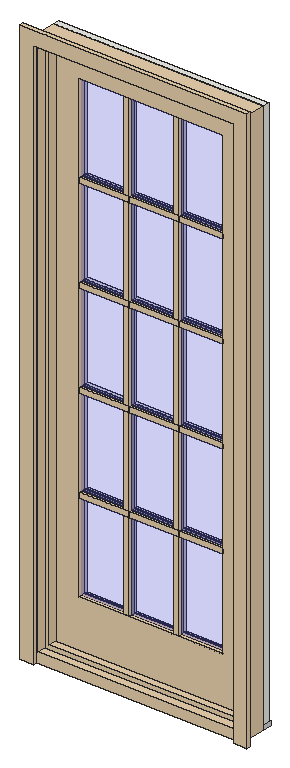
Revit family "Door-Gliding-Andersen-A_Series-Stationary 2", category Doors, host Wall, Revit 2013 (continued)
Dimensions and locks (in)
  aligned and locked: nested 4 to plane 48 "L Glazing"
  aligned and locked: nested 3 to plane 48 "L Glazing"
  aligned and locked: plane 4 "L Frame" to Extrusion 17 sketch curve
  aligned and locked: Extrusion 17 sketch curve to plane 3 "R Frame"
  aligned and locked: level to Extrusion 17 sketch curve
  aligned and locked: Extrusion 17 to plane 50 "Panel1 S1"
  aligned and locked: plane 53 "Frame S1" to Extrusion 17
  aligned and locked: plane 45 "B Panel" to Extrusion 17 sketch curve
  aligned and locked: nested 7 to plane 47 "T Glazing"
  aligned and locked: Extrusion 10 sketch curve to plane 46 "B Glazing"
  aligned and locked: Extrusion 11 sketch curve to plane 46 "B Glazing"
  aligned and locked: plane 43 "R Panel" to curve 162
  aligned and locked: plane 43 "R Panel" to curve 160
  aligned and locked: plane 42 "L Panel" to curve 163
  aligned and locked: plane 51 "Panel1 S2" to curve 166
  aligned and locked: plane 50 "Panel1 S1" to curve 166
  aligned and locked: plane 42 "L Panel" to curve 166
  aligned and locked: plane 42 "L Panel" to curve 160
  aligned and locked: plane 44 "T Panel" to curve 164
  aligned and locked: plane 44 "T Panel" to curve 165
  aligned and locked: plane 45 "B Panel" to curve 165
  aligned and locked: plane 12 "Casing S1" to Extrusion 4
  aligned and locked: level to Extrusion 15 sketch curve  (x2)
  aligned and locked: level to curve 181
  aligned and locked: level to curve 179
  aligned and locked: plane 4 "L Frame" to curve 179
  aligned and locked: curve 181 to plane 3 "R Frame"
Automatic sketch dimensions
  curve 5 to plane 36 "L Int Casing" = 0' - 0 1/8"
  curve 116 to curve 118 = 0' - 0"
  curve 115 to curve 117 = 0' - 0.7655"
  curve 116 to curve 109 = 0' - 3.0315"
  curve 108 to curve 108 = 0' - 0.10984"
  curve 167 to curve 111 = 0' - 0.02316"
  curve 110 to curve 111 = 0' - 0.361"
  curve 111 to curve 112 = 0' - 0.318"
  curve 107 to curve 106 = 0' - 1.15216"
  curve 23 to curve 118 = 0' - 0"
  curve 24 to curve 115 = 0' - 0"
  curve 23 to curve 25 = 0' - 0 1/8"
  curve 114 to curve 114 = 0' - 0.12558"
  curve 119 to curve 117 = 0' - 0.359"
  curve 170 to curve 106 = 0' - 0.606"
  curve 170 to curve 105 = 0' - 1.172"
  curve 105 to curve 105 = 0' - 1.55"
  curve 107 to curve 109 = 0' - 0.319"
  curve 108 to curve 114 = 0' - 0.4638"
  curve 114 to curve 115 = 0' - 0.04311"
  curve 115 to curve 120 = 0' - 0.76609"
  curve 118 to curve 120 = 0' - 0.06176"
  curve 108 to curve 111 = 0' - 2.70542"
  curve 110 to curve 112 = 0' - 0.53458"
  curve 106 to curve 106 = 0' - 0.733"
  curve 114 to curve 114 = 0' - 0.3698"
  curve 108 to curve 109 = 0' - 0.094"
  curve 167 to curve 109 = 0' - 0"
  curve 106 to curve 105 = 0' - 0.579"
  curve 170 to curve 105 = 0' - 0.166"
  curve 116 to curve 24 = 0' - 0 1/8"
  curve 23 to curve 118 = 0' - 0 1/8"
  curve 170 to curve 170 = 0' - 1.719"
  curve 118 to curve 117 = 0' - 0.54"
  curve 110 to curve 110 = 0' - 0.89242"
  curve 117 to curve 119 = 0' - 0"
  curve 112 to curve 113 = 0' - 1.583"
  curve 132 to curve 134 = 0' - 0"
  curve 131 to curve 133 = 0' - 0.7655"
  curve 132 to curve 125 = 0' - 3.0315"
  curve 124 to curve 124 = 0' - 0.10984"
  curve 168 to curve 127 = 0' - 0.02316"
  curve 126 to curve 127 = 0' - 0.361"
  curve 127 to curve 128 = 0' - 0.318"
  curve 123 to curve 122 = 0' - 1.15216"
  curve 20 to curve 134 = 0' - 0"
  curve 21 to curve 131 = 0' - 0"
  curve 20 to curve 22 = 0' - 0 1/8"
  curve 130 to curve 130 = 0' - 0.12558"
  curve 135 to curve 133 = 0' - 0.359"
  curve 171 to curve 122 = 0' - 0.606"
  curve 171 to curve 121 = 0' - 1.172"
  curve 121 to curve 121 = 0' - 1.55"
  curve 125 to curve 123 = 0' - 0.319"
  curve 130 to curve 124 = 0' - 0.4638"
  curve 131 to curve 130 = 0' - 0.04311"
  curve 136 to curve 131 = 0' - 0.76609"
  curve 136 to curve 134 = 0' - 0.06176"
  curve 127 to curve 124 = 0' - 2.70542"
  curve 128 to curve 126 = 0' - 0.53458"
  curve 122 to curve 122 = 0' - 0.733"
  curve 130 to curve 130 = 0' - 0.3698"
  curve 125 to curve 124 = 0' - 0.094"
  curve 168 to curve 125 = 0' - 0"
  curve 121 to curve 122 = 0' - 0.579"
  curve 121 to curve 171 = 0' - 0.166"
  curve 21 to curve 132 = 0' - 0 1/8"
  curve 134 to curve 20 = 0' - 0 1/8"
  curve 171 to curve 171 = 0' - 1.719"
  curve 133 to curve 134 = 0' - 0.54"
  curve 126 to curve 126 = 0' - 0.89242"
  curve 133 to curve 135 = 0' - 0"
  curve 129 to curve 128 = 0' - 1.583"
  curve 151 to curve 153 = 0' - 0"
  curve 150 to curve 152 = 0' - 0.7655"
  curve 151 to curve 144 = 0' - 3.0315"
  curve 143 to curve 143 = 0' - 0.10984"
  curve 169 to curve 146 = 0' - 0.02316"
  curve 145 to curve 146 = 0' - 0.361"
  curve 146 to curve 147 = 0' - 0.318"
  curve 142 to curve 141 = 0' - 1.15216"
  curve 137 to curve 153 = 0' - 0"
  curve 138 to curve 150 = 0' - 0"
  curve 137 to curve 139 = 0' - 0 1/8"
  curve 149 to curve 149 = 0' - 0.12558"
  curve 154 to curve 152 = 0' - 0.359"
  curve 172 to curve 141 = 0' - 0.606"
  curve 172 to curve 140 = 0' - 1.172"
  curve 140 to curve 140 = 0' - 1.55"
  curve 144 to curve 142 = 0' - 0.319"
  curve 149 to curve 143 = 0' - 0.4638"
  curve 150 to curve 149 = 0' - 0.04311"
  curve 155 to curve 150 = 0' - 0.76609"
  curve 155 to curve 153 = 0' - 0.06176"
  curve 146 to curve 143 = 0' - 2.70542"
  curve 147 to curve 145 = 0' - 0.53458"
  curve 141 to curve 141 = 0' - 0.733"
  curve 149 to curve 149 = 0' - 0.3698"
  curve 144 to curve 143 = 0' - 0.094"
  curve 169 to curve 144 = 0' - 0"
  curve 140 to curve 141 = 0' - 0.579"
  curve 140 to curve 172 = 0' - 0.166"
  curve 138 to curve 151 = 0' - 0 1/8"
  curve 153 to curve 137 = 0' - 0 1/8"
  curve 172 to curve 172 = 0' - 1.719"
  curve 152 to curve 153 = 0' - 0.54"
  curve 145 to curve 145 = 0' - 0.89242"
  curve 152 to curve 154 = 0' - 0"
  curve 148 to curve 147 = 0' - 1.583"
  curve 41 to curve 43 = 0' - 0.53458"
  curve 42 to curve 53 = 0' - 1.35242"
  curve 52 to curve 54 = 0' - 0.08"
  curve 52 to curve 50 = 0' - 0.76609"
  curve 49 to curve 48 = 0' - 0.08875"
  curve 42 to curve 47 = 0' - 2.61142"
  curve 47 to curve 47 = 0' - 0.094"
  curve 46 to curve 45 = 0' - 0.319"
  curve 40 to curve 40 = 0' - 1.583"
  curve 42 to curve 173 = 0' - 0.89242"
  curve 53 to curve 52 = 0' - 0.46"
  curve 173 to curve 43 = 0' - 0"
  curve 51 to curve 53 = 0' - 0"
  curve 52 to curve 37 = 0' - 0 1/8"
  curve 36 to curve 49 = 0' - 0 1/8"
  curve 39 to curve 44 = 0' - 0.579"
  curve 48 to curve 48 = 0' - 0.32416"
  curve 44 to curve 44 = 0' - 0.733"
  curve 54 to curve 49 = 0' - 0"
  curve 49 to curve 51 = 0' - 0 3/4"
  curve 50 to curve 46 = 0' - 3.047"
  curve 46 to curve 46 = 0' - 0.10984"
  curve 47 to curve 42 = 0' - 0.133"
  curve 42 to curve 41 = 0' - 0.361"
  curve 41 to curve 40 = 0' - 0.318"
  curve 45 to curve 45 = 0' - 1.15216"
  curve 37 to curve 52 = 0' - 0.015"
  curve 38 to curve 49 = 0' - 0.015"
  curve 48 to curve 48 = 0' - 0.11008"
  curve 38 to curve 36 = 0' - 0.14"
  curve 53 to curve 51 = 0' - 0.359"
  curve 43 to curve 173 = 0' - 0.523"
  curve 44 to curve 39 = 0' - 0.566"
  curve 39 to curve 39 = 0' - 1 5/8"
  curve 173 to curve 47 = 0' - 0"
  curve 57 to curve 59 = 0' - 0.53458"
  curve 58 to curve 69 = 0' - 1.35242"
  curve 68 to curve 70 = 0' - 0.08"
  curve 68 to curve 66 = 0' - 0.76609"
  curve 65 to curve 64 = 0' - 0.08875"
  curve 58 to curve 63 = 0' - 2.61142"
  curve 63 to curve 63 = 0' - 0.094"
  curve 62 to curve 61 = 0' - 0.319"
  curve 56 to curve 56 = 0' - 1.583"
  curve 58 to curve 174 = 0' - 0.89242"
  curve 69 to curve 68 = 0' - 0.46"
  curve 174 to curve 59 = 0' - 0"
  curve 67 to curve 69 = 0' - 0"
  curve 68 to curve 14 = 0' - 0 1/8"
  curve 13 to curve 65 = 0' - 0 1/8"
  curve 55 to curve 60 = 0' - 0.579"
  curve 64 to curve 64 = 0' - 0.32416"
  curve 60 to curve 60 = 0' - 0.733"
  curve 70 to curve 65 = 0' - 0"
  curve 65 to curve 67 = 0' - 0 3/4"
  curve 66 to curve 62 = 0' - 3.047"
  curve 62 to curve 62 = 0' - 0.10984"
  curve 63 to curve 58 = 0' - 0.133"
  curve 58 to curve 57 = 0' - 0.361"
  curve 57 to curve 56 = 0' - 0.318"
  curve 61 to curve 61 = 0' - 1.15216"
  curve 14 to curve 68 = 0' - 0.015"
  curve 15 to curve 65 = 0' - 0.015"
  curve 64 to curve 64 = 0' - 0.11008"
  curve 15 to curve 13 = 0' - 0.14"
  curve 69 to curve 67 = 0' - 0.359"
  curve 59 to curve 174 = 0' - 0.523"
  curve 60 to curve 55 = 0' - 0.566"
  curve 55 to curve 55 = 0' - 1 5/8"
  curve 174 to curve 63 = 0' - 0"
  Masking region 1 sketch curve to plane 53 "Frame S1" = 0' - 0"
  Masking region 2 sketch curve to plane 53 "Frame S1" = 0' - 0"
  Masking region 3 sketch curve to plane 53 "Frame S1" = 0' - 0"
  Masking region 4 sketch curve to plane 53 "Frame S1" = 0' - 0"
  curve 76 to curve 77 = 0' - 1.583"
  curve 78 to curve 80 = 0' - 0.53458"
  curve 79 to curve 80 = 0' - 0.89242"
  curve 80 to curve 87 = 0' - 0.46"
  curve 86 to curve 85 = 0' - 0.08"
  curve 85 to curve 84 = 0' - 0.76609"
  curve 82 to curve 82 = 0' - 0.08875"
  curve 80 to curve 71 = 0' - 1.813"
  curve 177 to curve 72 = 0' - 0.319"
  curve 72 to curve 75 = 0' - 1.063"
  curve 84 to curve 85 = 0' - 0.5405"
  curve 87 to curve 84 = 0' - 0"
  curve 175 to curve 80 = 0' - 0.0005"
  curve 80 to curve 177 = 0' - 1.7185"
  curve 85 to curve 11 = 0' - 0.1245"
  curve 12 to curve 83 = 0' - 0.1255"
  curve 175 to curve 71 = 0' - 0.0945"
  curve 81 to curve 81 = 0' - 0.32416"
  curve 74 to curve 73 = 0' - 0.748"
  curve 73 to curve 72 = 0' - 0.05571"
  curve 75 to curve 77 = 0' - 1 11/16"
  curve 77 to curve 78 = 0' - 0.3335"
  curve 78 to curve 80 = 0' - 0.361"
  curve 72 to curve 72 = 0' - 1.60145"
  curve 71 to curve 177 = 0' - 0.10984"
  curve 71 to curve 84 = 0' - 7.235"
  curve 85 to curve 86 = 0' - 0 3/4"
  curve 83 to curve 83 = 0' - 0 3/4"
  curve 175 to curve 71 = 0' - 0.6245"
  curve 84 to curve 87 = 0' - 0.35858"
  curve 10 to curve 82 = 0' - 0 1/8"
  curve 81 to curve 81 = 0' - 0.11008"
  curve 10 to curve 12 = 0' - 0 1/8"
  curve 85 to curve 11 = 0' - 0"
  Sweep 7 sketch curve to profile plane = 0' - 0"
  profile plane to Sweep 7 sketch curve = 0' - 0.166"
  profile plane to Sweep 7 sketch curve = 0' - 0.566"
  Sweep 7 sketch curve to Sweep 7 sketch curve = 0' - 1.129"
  Sweep 7 sketch curve to Sweep 7 sketch curve = 0' - 0.413"
  Sweep 7 sketch curve to Sweep 7 sketch curve = 0' - 0.7335"
  Sweep 8 sketch curve to profile plane = 0' - 0"
  Sweep 8 sketch curve to profile plane = 0' - 4 9/16"
  profile plane to Sweep 8 sketch curve = 0' - 1.016"
  profile plane to Sweep 8 sketch curve = 0' - 0.166"
  profile plane to Sweep 8 sketch curve = 0' - 1.172"
  Sweep 8 sketch curve to Sweep 8 sketch curve = 0' - 0.523"
  Sweep 8 sketch curve to Sweep 8 sketch curve = 0' - 1.5825"
  Sweep 8 sketch curve to Sweep 8 sketch curve = 0' - 1.427"
  curve 93 to curve 94 = 0' - 1.583"
  curve 95 to curve 97 = 0' - 0.53458"
  curve 96 to curve 97 = 0' - 0.89242"
  curve 97 to curve 104 = 0' - 0.46"
  curve 103 to curve 102 = 0' - 0.08"
  curve 102 to curve 101 = 0' - 0.76609"
  curve 99 to curve 99 = 0' - 0.08875"
  curve 97 to curve 88 = 0' - 1.813"
  curve 178 to curve 89 = 0' - 0.319"
  curve 89 to curve 92 = 0' - 1.063"
  curve 101 to curve 102 = 0' - 0.5405"
  curve 104 to curve 101 = 0' - 0"
  curve 176 to curve 97 = 0' - 0.0005"
  curve 97 to curve 178 = 0' - 1.7185"
  curve 102 to curve 8 = 0' - 0.1245"
  curve 9 to curve 100 = 0' - 0.1255"
  curve 176 to curve 88 = 0' - 0.0945"
  curve 98 to curve 98 = 0' - 0.32416"
  curve 91 to curve 90 = 0' - 0.748"
  curve 90 to curve 89 = 0' - 0.05571"
  curve 92 to curve 94 = 0' - 1 11/16"
  curve 94 to curve 95 = 0' - 0.3335"
  curve 95 to curve 97 = 0' - 0.361"
  curve 89 to curve 89 = 0' - 1.60145"
  curve 88 to curve 178 = 0' - 0.10984"
  curve 88 to curve 101 = 0' - 7.235"
  curve 102 to curve 103 = 0' - 0 3/4"
  curve 100 to curve 100 = 0' - 0 3/4"
  curve 176 to curve 88 = 0' - 0.6245"
  curve 101 to curve 104 = 0' - 0.35858"
  curve 7 to curve 99 = 0' - 0 1/8"
  curve 98 to curve 98 = 0' - 0.11008"
  curve 7 to curve 9 = 0' - 0 1/8"
  curve 102 to curve 8 = 0' - 0"
  curve 4 to plane 53 "Frame S1" = 0' - 0"
  curve 3 to plane 53 "Frame S1" = 0' - 0"
  curve 164 to plane 45 "B Panel" = 0' - 0"
  plane 27 "T Rough Opening" to curve 6 = 0' - 0.15975"
Nested families (in)
  nested 1: "Andersen Grille Bar" at (0, 0.31559, 50.4375) x (-1, 0, 0) z (0, 1, 0), Bar Width <- "Grille Bar Size", Bar Length <- "TS V Bar Length", visible <- "TS S V", type "Andersen Grille Bar"
    with Glass / 2 0' - 0 7/32", Glass 0' - 0 13/16", Center Line Length 6' - 7 7/8", Center Line 2, Bar Width 0' - 0 7/8", Bar Length 6' - 7 7/8"
  nested 2: "Andersen Grille Bar" at (4.27083, 0.31559, 50.4375) x (-1, 0, 0) z (0, 1, 0), Bar Width <- "Grille Bar Size", Bar Length <- "TS V Bar Length", visible <- "TS M V", type "Andersen Grille Bar"
    with Glass / 2 0' - 0 7/32", Glass 0' - 0 13/16", Center Line Length 6' - 7 7/8", Center Line 2, Bar Width 0' - 0 7/8", Bar Length 6' - 7 7/8"
  nested 3: "Andersen Grille Bar" at (0, 0.31559, 50.4375) x (0, 0, 1) z (0, 1, 0), Bar Width <- "Grille Bar Size", visible <- "TS S H Craftsman", Bar Length <- "H DLO", type "Andersen Grille Bar"
    with Glass / 2 0' - 0 1/8", Glass 0' - 0 5/8", Center Line Length 2' - 0 3/4", Center Line 2, Bar Width 0' - 0 7/8", Bar Length 2' - 0 3/4"
  nested 4: "Andersen Grille Bar" at (0, 0.31559, 50.4375) x (0, 0, 1) z (0, 1, 0), Bar Width <- "Grille Bar Size", visible <- "TS S H", Bar Length <- "H DLO", type "Andersen Grille Bar"
    with Glass / 2 0' - 0 7/32", Glass 0' - 0 13/16", Center Line Length 2' - 0 3/4", Center Line 2, Bar Width 0' - 0 7/8", Bar Length 2' - 0 3/4"
  nested 5: "Andersen Grille Bar" at (0, 0.31559, 74.6625) x (0, 0, 1) z (0, 1, 0), Bar Width <- "Grille Bar Size", visible <- "TS M H", Bar Length <- "H DLO", type "Andersen Grille Bar"
    with Glass / 2 0' - 0 7/32", Glass 0' - 0 13/16", Center Line Length 2' - 0 3/4", Center Line 2, Bar Width 0' - 0 7/8", Bar Length 2' - 0 3/4"
  nested 6: "Andersen Grille Bar" at (0, 0.31559, 26.2125) x (0, 0, 1) z (0, 1, 0), Bar Width <- "Grille Bar Size", visible <- "TS M H", Bar Length <- "H DLO", type "Andersen Grille Bar"
    with Glass / 2 0' - 0 7/32", Glass 0' - 0 13/16", Center Line Length 2' - 0 3/4", Center Line 2, Bar Width 0' - 0 7/8", Bar Length 2' - 0 3/4"
  nested 7: "Andersen Grille Bar" at (-4.27083, 0.31559, 50.4375) x (-1, 0, 0) z (0, 1, 0), Bar Width <- "Grille Bar Size", Bar Length <- "TS V Bar Length", visible <- "TS M V", type "Andersen Grille Bar"
    with Glass / 2 0' - 0 7/32", Glass 0' - 0 13/16", Center Line Length 6' - 7 7/8", Center Line 2, Bar Width 0' - 0 7/8", Bar Length 6' - 7 7/8"
  nested 8: "Andersen Grille Bar" at (0, 0.31559, 58.5125) x (0, 0, 1) z (0, 1, 0), Bar Width <- "Grille Bar Size", visible <- "TS M H", Bar Length <- "H DLO", type "Andersen Grille Bar"
    with Glass / 2 0' - 0 7/32", Glass 0' - 0 13/16", Center Line Length 2' - 0 3/4", Center Line 2, Bar Width 0' - 0 7/8", Bar Length 2' - 0 3/4"
  nested 9: "Andersen Grille Bar" at (0, 0.31559, 42.3625) x (0, 0, 1) z (0, 1, 0), Bar Width <- "Grille Bar Size", visible <- "TS M H", Bar Length <- "H DLO", type "Andersen Grille Bar"
    with Glass / 2 0' - 0 7/32", Glass 0' - 0 13/16", Center Line Length 2' - 0 3/4", Center Line 2, Bar Width 0' - 0 7/8", Bar Length 2' - 0 3/4"
Definition of nested family "Andersen Grille Bar"
  Parameters (values of type "Andersen Grille Bar")
    Interior Bar Visibility = yes
    Interior Bar Material = none
    Glass / 2 [instance] = (Glass / 2) - 0' 0 3/16"  # 0' - 0 1/8"
    Glass [instance] = 0' - 0 5/8"
    Exterior Bar Visibility = yes
    Exterior Bar Finish = none
    Default Elevation = 4' - 0"
    Center Line Length [instance] = if(Center Line = 1, Bar Length + (Bar Width / 2), Bar Length)  # 0' - 4 7/16"
    Center Line [instance] = 1
    Between Glass Bar Visibility = yes
    Between Glass Bar Finish = none
    Bar Width [instance] = 0' - 0 7/8"
    Bar Length [instance] = 0' - 4"
  Reference planes (in)
    plane 1 "Center (Front/Back)": y = 0
    plane 2 "a": z = 0
    plane 3 "Center (Left/Right)": x = 0
    plane 4 "1": x = -0.4375
    plane 5 "2": x = 0.4375
    plane 6: y = 2
    plane 7: y = -2
    plane 8 "b": z = -0.625
    plane 9: z = -0.125
    plane 10: y = -2.4375
    plane 11 "a1": z = 12
    plane 12 "a2": z = -12
  Forms (in)
    Extrusion 1, solid
      sketch origin (0, 0, 0) x (1, 0, 0) y (0, 1, 0)
        loop
          line (-48, 48) -> (-48, -48) -> (48, -48) -> (48, 48) -> (-48, 48)
      from 0 to -12
    Extrusion 2, solid, material <- "Exterior Bar Finish", visible <- "Exterior Bar Visibility", detail levels fine
      sketch origin (0, 0, 0) x (1, 0, 0) y (0, 1, 0)
        loop
          line (-0.4375, 2) -> (-0.4375, -2) -> (0.4375, -2) -> (0.4375, 2) -> (-0.4375, 2)
      from 0 to 0.375
    Extrusion 3, solid, material <- "Between Glass Bar Finish", visible <- "Between Glass Bar Visibility", detail levels fine
      sketch origin (0, 0, 0) x (1, 0, 0) y (0, 1, 0)
        loop
          line (-0.4375, 2) -> (-0.4375, -2) -> (0.4375, -2) -> (0.4375, 2) -> (-0.4375, 2)
      from -0.5 to -0.125
    Extrusion 4, solid, material <- "Interior Bar Material", visible <- "Interior Bar Visibility", detail levels fine
      sketch origin (0, 0, 0) x (1, 0, 0) y (0, 1, 0)
        loop
          line (-0.4375, 2) -> (-0.4375, -2) -> (0.4375, -2) -> (0.4375, 2) -> (-0.4375, 2)
      from -1 to -0.625
  Lines and regions (in)
    model lines, style "GenericModel", detail levels coarse+medium
      curve 1: line (0, 2, 0) -> (0, -2.4375, 0)
    symbolic lines, style "GenericModel", detail levels coarse+medium
      curve 2: line (0, 2, 12) -> (0, -2.4375, 12)
      curve 3: line (0, 2, -12) -> (0, -2.4375, -12)
    model lines, style "InvisibleLines", not visible, detail levels coarse
      curve 4: line (0, 0, 12) -> (0, 0, -12)
    symbolic lines, detail levels fine
      curve 5: line (-0.4375, 2, 0) -> (-0.4375, -2, 0)
      curve 6: line (0.4375, 2, 0) -> (0.4375, -2, 0)
  Dimensions and locks (in)
    "Glass": plane 2 "a" to plane 8 "b"
    "Glass / 2": plane 2 "a" to plane 9
    locked: Extrusion 2 to Extrusion 2 at 0.375
    locked: plane 9 to Extrusion 3 at 0.375
    locked: plane 8 "b" to Extrusion 4 at 0.375
    equal spacing: plane 4 "1", plane 3 "Center (Left/Right)", plane 5 "2"
    equal spacing: plane 6, plane 1 "Center (Front/Back)", plane 7
    "Bar Width": plane 4 "1" to plane 5 "2"
    "Bar Length": plane 6 to plane 7
    "Center Line Length": plane 6 to plane 10
    locked: plane 11 "a1" to plane 2 "a" at 12
    locked: plane 2 "a" to plane 12 "a2" at 12
    aligned and locked: plane 2 "a" to Extrusion 1
    aligned and locked: level to Extrusion 1
    aligned and locked: Extrusion 2 to plane 2 "a"
    aligned and locked: Extrusion 2 to plane 4 "1"
    aligned and locked: plane 5 "2" to Extrusion 2
    aligned and locked: plane 6 to Extrusion 2
    aligned and locked: Extrusion 2 to plane 7
    aligned and locked: plane 9 to Extrusion 3
    aligned and locked: Extrusion 3 to plane 4 "1"
    aligned and locked: plane 5 "2" to Extrusion 3
    aligned and locked: plane 6 to Extrusion 3
    aligned and locked: Extrusion 3 to plane 7
    aligned and locked: plane 8 "b" to Extrusion 4
    aligned and locked: Extrusion 4 to plane 4 "1"
    aligned and locked: plane 5 "2" to Extrusion 4
    aligned and locked: plane 6 to Extrusion 4
    aligned and locked: Extrusion 4 to plane 7
    aligned and locked: plane 6 to curve 1
    aligned and locked: plane 10 to curve 1
    aligned and locked: curve 1 to plane 3 "Center (Left/Right)"
    aligned and locked: plane 6 to curve 2
    aligned and locked: plane 10 to curve 2
    aligned and locked: curve 2 to plane 3 "Center (Left/Right)"
    aligned and locked: plane 6 to curve 3
    aligned and locked: plane 10 to curve 3
    aligned and locked: curve 3 to plane 3 "Center (Left/Right)"
    aligned and locked: plane 11 "a1" to curve 4
    aligned and locked: plane 12 "a2" to curve 4
    aligned and locked: curve 4 to plane 1 "Center (Front/Back)"
    aligned and locked: plane 6 to curve 5
    aligned and locked: plane 6 to curve 6
    aligned and locked: plane 7 to curve 6
    aligned and locked: plane 7 to curve 5
    aligned and locked: curve 5 to plane 4 "1"
    aligned and locked: curve 6 to plane 5 "2"
  Automatic sketch dimensions
    Extrusion 1 sketch curve to Extrusion 1 sketch curve = 8' - 0"  (x2)
    plane 7 to Extrusion 2 sketch curve = 0' - 0"
    Extrusion 2 sketch curve to plane 5 "2" = 0' - 0 7/8"
    Extrusion 2 sketch curve to plane 6 = 0' - 0"
    Extrusion 2 sketch curve to Extrusion 2 sketch curve = 0' - 0 7/8"
    plane 7 to Extrusion 3 sketch curve = 0' - 0"
    Extrusion 3 sketch curve to plane 5 "2" = 0' - 0 7/8"
    Extrusion 3 sketch curve to plane 6 = 0' - 0"
    Extrusion 3 sketch curve to Extrusion 3 sketch curve = 0' - 0 7/8"
    Extrusion 4 sketch curve to plane 7 = 0' - 0"
    Extrusion 4 sketch curve to plane 5 "2" = 0' - 0 7/8"
    Extrusion 4 sketch curve to plane 6 = 0' - 0"
    Extrusion 4 sketch curve to Extrusion 4 sketch curve = 0' - 0 7/8"
